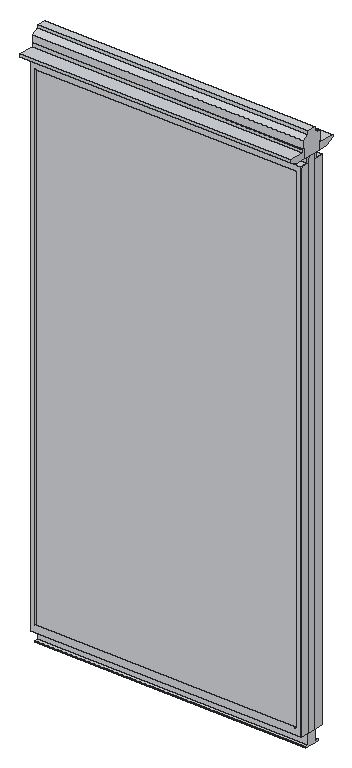
Revit family "Wall-Panel_Operable-Partition_Moderco_Signature-Series", category Curtain Panels, Revit 2022
Family settings
  OmniClass Number = 23.25.40.17
  OmniClass Title = Operable Partitions
  Always vertical = Yes
  Cut with Voids When Loaded = No
  Shared = No
Parameters (values of type "8500 Paired Panel")
  Warranty Duration (Years) = 0
  Use = "Pair"
  URL = "http://moderco.com/"
  Track Type [instance] = Overhead Tracks : Track 33 with W Trim
  Threshold Material [instance] = none
  Test Data = ""
  Specification = "http://www.arcat.com/sdspecs/htm04/10_22_26mpi.htm"
  Send Message = ""
  Seal Height_Bottom [instance] = 0' - 2"
  Sales Information = "http://moderco.com/contact/"
  STC Rating [instance] = 0
  Revision = "R1_2015-09"
  Product Properties = ""
  Product Data = "http://www.arcat.com/arcatcos/cos34/arc34266.html"
  Panel Width [instance] = 3' - 8"
  Panel Thickness = 0' - 4"
  Panel Height [instance] = 7' - 2"
  Model = "8500"
  Max Height = 22' - 4"
  Manufacturer Website = "http://moderco.com/"
  Manufacturer Phone - Toll Free = "800-363-3150"
  Manufacturer Phone = "450-641-3150"
  Manufacturer Fax = "450-641-4965 or 800-231-4965"
  Manufacturer Address = "115 de Lauzon   Boucherville, QC, Canada J4B 1E7"
  Manufacturer = "Moderco, Inc"
  Maintenance Schedule (Months) = 0
  Keynote = "10 22 26"
  Interior Finish [instance] = none
  Installation-Fabrication = ""
  Installation Phase = ""
  Green Building-LEED = ""
  Frame Material [instance] = none
  Exterior Finish [instance] = none
  Expected Lifespan (Years) = 0
  Drawn By = "Sumex Design, Inc. / Robert S. Weygant, CSI, CDT, SCIP"
  Description = "Moderco Signature Series 8500 Paired Wall Panel as Specified"
  Copyright = "©Arcat Inc."
  Construction Details = "http://www.arcat.com/details/moderco/moderco.html?coid=34266"
  Building Codes = ""
  Assembly Code = "C1010300"
Types (5): name | Use | Model | Max Height | Description
  8760 Electric Panel | "Electric" | "8760" | 16' - 4" | "Moderco Signature Series 8760 Single Wall Panel as Specified"
  8720 Electric Panel | "Electric" | "8720" | 16' - 4" | "Moderco Signature Series 8720 Single Wall Panel as Specified"
  8500 Paired Panel | "Pair" | "8500" | 22' - 4" | "Moderco Signature Series 8500 Paired Wall Panel as Specified"
  8800 Single Panel | "Single" | "8800" | 30' - 4" | "Moderco Signature Series 8800 Single Wall Panel as Specified"
  8600 Single Panel | "Single" | "8600" | 22' - 4" | "Moderco Signature Series 8600 Single Wall Panel as Specified"
Reference planes (in)
  plane 1 "Front": y = 0
  plane 2: z = 0
  plane 3 "Center (Left/Right)": x = 0
  plane 4 "Left": x = -22
  plane 5 "Right": x = 22
  plane 6 "Top": z = 86
  plane 7: y = 2
  plane 8: y = -2
  plane 9: z = 2
  plane 10: z = 85
Forms (in)
  Extrusion 1, solid, material <- "Interior Finish"
    sketch origin (22, 0, 0) x (0, -1, 0) y (0, 0, 1)
      loop
        line (2, 2) -> (2, 85) -> (0.5, 85) -> (0.5, 2) -> (2, 2)
    from 0 to 44
  Extrusion 2, solid, material <- "Exterior Finish"
    sketch origin (22, 0, 0) x (0, 1, 0) y (0, 0, -1)
      loop
        line (2, -2) -> (0.5, -2) -> (0.5, -85) -> (2, -85) -> (2, -2)
    from 0 to 44
  Extrusion 3, solid, material <- "Frame Material"
    sketch origin (0, 0, 0) x (1, 0, 0) y (0, 1, 0)
      loop
        line (-22, 0.5) -> (-22, -0.5) -> (-20, -0.5) -> (-20, 0.5) -> (-22, 0.5)
      loop
        line (22, 0.5) -> (20, 0.5) -> (20, -0.5) -> (22, -0.5) -> (22, 0.5)
    from 2 to 86
  Extrusion 4, solid, material <- "Threshold Material"
    sketch origin (22, 0, 0) x (0, -1, 0) y (0, 0, 1)
      loop
        line (2, 2.12546) -> (-2, 2.12546) -> (-2, 3.12546) -> (-2.125, 3.12546) -> (-2.125, 2) -> (-0.75, 2) -> (-0.75, 0.25) -> (-1.25, 0.25) -> (-1.25, 0) -> (1.25, 0) -> (1.25, 0.25) -> (0.75, 0.25) -> (0.75, 2) -> (2.125, 2) -> (2.125, 3.12546) -> (2, 3.12546) -> (2, 2.12546)
    from 0 to 44
  Extrusion 5, solid, material <- "Threshold Material"
    sketch origin (22, 0, 0) x (0, -1, 0) y (0, 0, 1)
      loop
        line (2, 85) -> (2, 84.25) -> (2.125, 84.25) -> (2.125, 85.125) -> (0.875, 85.125) -> (0.875, 86) -> (-0.875, 86) -> (-0.875, 85.125) -> (-2.125, 85.125) -> (-2.125, 84.25) -> (-2, 84.25) -> (-2, 85) -> (2, 85)
    from 0 to 44
  Extrusion 6, solid, material <- "Threshold Material"
    sketch origin (0, 0, 0) x (1, 0, 0) y (0, 0, 1)
      loop
        line (-22, 85) -> (-22, 2) -> (-21.25, 2) -> (-21.25, 85) -> (-22, 85)
      loop
        line (22, 85) -> (21.25, 85) -> (21.25, 2) -> (22, 2) -> (22, 85)
    from -2.125 to 2.125
Cuts and joins
  joined: Extrusion 4, Extrusion 5, Extrusion 6
Text (in)
  text "Exterior" at (-54.29358, 31.38743, 0), in view "Ref. Level"
  text "Exterior" at (480, 41.53993, 89.60405), in view "Right"
  text "Exterior" at (-240, 57.82419, 105.78864), in view "Left"
Dimensions and locks (in)
  equal spacing: plane 4 "Left", plane 3 "Center (Left/Right)", plane 5 "Right"
  equal spacing: plane 7, plane 1 "Front", plane 8
  "Panel Thickness": plane 7 to plane 8
  "Panel Height": plane 6 "Top" to level
  "Panel Width": plane 4 "Left" to plane 5 "Right"
  "Seal Height_Bottom": plane 9 to plane 2
  locked: plane 8 to Extrusion 1 sketch curve at 1.5
  locked: Extrusion 2 sketch curve to plane 7 at 1.5
  locked: plane 7 to Extrusion 3 sketch curve at 1.5  (x2)
  locked: Extrusion 3 sketch curve to plane 8 at 1.5  (x2)
  locked: Extrusion 3 sketch curve to plane 5 "Right" at 2
  locked: plane 4 "Left" to Extrusion 3 sketch curve at 2
  locked: Extrusion 4 sketch curve to plane 8 at 0.125
  locked: plane 7 to Extrusion 4 sketch curve at 0.125
  Extrusion 4 sketch curve to plane 1 "Front" to Extrusion 4 sketch curve = 0' - 0 3/4" locked, 0' - 0 3/4" locked
  locked: plane 10 to plane 6 "Top" at 1
  Extrusion 5 sketch curve to plane 8 to Extrusion 5 sketch curve = 0' - 0 1/8" locked, 0' - 1 1/8"
  Extrusion 5 sketch curve to plane 7 to Extrusion 5 sketch curve = 0' - 1 1/8", 0' - 0 1/8" locked
  locked: plane 4 "Left" to Extrusion 6 sketch curve at 0.75
  locked: Extrusion 6 sketch curve to plane 5 "Right" at 0.75
  locked: Extrusion 5 sketch curve to plane 10 at 0.125  (x2)
  Extrusion 4 sketch curve to plane 1 "Front" to Extrusion 4 sketch curve = 0' - 1 1/4" locked, 0' - 1 1/4" locked
  aligned and locked: plane 3 "Center (Left/Right)" to nested 1
  aligned and locked: plane 8 to Extrusion 1 sketch curve
  aligned and locked: Extrusion 2 sketch curve to plane 9
  aligned and locked: plane 7 to Extrusion 2 sketch curve
  aligned and locked: plane 9 to Extrusion 1 sketch curve
  aligned and locked: plane 4 "Left" to Extrusion 1
  aligned and locked: Extrusion 1 to plane 5 "Right"
  aligned and locked: plane 4 "Left" to Extrusion 2
  aligned and locked: Extrusion 2 to plane 5 "Right"
  aligned and locked: plane 4 "Left" to Extrusion 3 sketch curve
  aligned and locked: plane 5 "Right" to Extrusion 3 sketch curve
  aligned and locked: Extrusion 3 to plane 6 "Top"
  aligned and locked: Extrusion 3 to plane 9
  aligned and locked: plane 2 to Extrusion 4 sketch curve
  aligned and locked: plane 4 "Left" to Extrusion 4
  aligned and locked: Extrusion 4 to plane 5 "Right"
  aligned and locked: Extrusion 1 sketch curve to plane 10
  aligned and locked: plane 10 to Extrusion 2 sketch curve
  aligned and locked: plane 4 "Left" to Extrusion 5
  aligned and locked: Extrusion 5 to plane 5 "Right"
  aligned and locked: Extrusion 6 sketch curve to plane 4 "Left"
  aligned and locked: Extrusion 6 sketch curve to plane 5 "Right"
  aligned and locked: plane 10 to Extrusion 6 sketch curve
  aligned and locked: Extrusion 6 sketch curve to plane 10
  aligned and locked: plane 9 to Extrusion 6 sketch curve
  aligned and locked: Extrusion 6 sketch curve to plane 9
  aligned and locked: plane 9 to Extrusion 4 sketch curve
  aligned and locked: Extrusion 4 sketch curve to plane 9
Automatic sketch dimensions
  Extrusion 1 sketch curve to plane 8 = 0' - 0"
  Extrusion 5 sketch curve to plane 7 = 0' - 0"
  Extrusion 5 sketch curve to plane 8 = 0' - 0"
  plane 6 "Top" to Extrusion 5 sketch curve = 0' - 0"
  Extrusion 5 sketch curve to Extrusion 5 sketch curve = 0' - 0 3/4"  (x2)
  Extrusion 5 sketch curve to plane 10 = 0' - 0"
  Extrusion 4 sketch curve to plane 7 = 0' - 0"
  Extrusion 4 sketch curve to plane 8 = 0' - 0"
  Extrusion 4 sketch curve to Extrusion 4 sketch curve = 0' - 0 1/4"  (x2)
  plane 9 to Extrusion 4 sketch curve = 0' - 0.12546"
  Extrusion 4 sketch curve to Extrusion 4 sketch curve = 0' - 1"  (x2)
Nested families (in)
  nested 1: "Overhead Tracks" at (0, 0, 0), length <- "Panel Width", Height <- "Panel Height", type <- "Track Type", finish <- "Frame Material", type "Track 33 with W Trim"
    with length 3' - 8", finish none, built-in parameter 1001300 7' - 2", track width 0' - 3 1/4", halftrackwidth 0' - 1 5/8", W Trim yes, No 552 no, No 33 yes, L Trim no
Definition of nested family "Overhead Tracks"
  Parameters
    track width = 0' - 3 1/8"
    length [instance] = 4' - 3.58097"
    halftrackwidth = track width / 2  # 0' - 1 9/16"
    finish [instance] = none
    W Trim = no
    No 556 = no
    No 552 = yes
    No 45 = no
    No 33 = no
    L Trim = yes
    Height [instance] = 5' - 5.60265"
    Default Elevation = 4' - 0"
    Assembly Code = ""
  Reference planes (in)
    plane 1 "Center (Front/Back)": y = 0
    plane 2: z = 0
    plane 3 "Center (Left/Right)": x = 0
    plane 4: z = 65.60265
    plane 5: x = -25.79049
    plane 6: x = 25.79049
  Forms (in)
    Extrusion 1, solid, material <- "finish", visible <- "No 33"
      sketch origin (0, 0, 0) x (0, 1, 0) y (0, 0, 1)
        loop
          line (1.625, 65.60265) -> (1.625, 68.34747) -> (0.75, 68.85265) -> (0.75, 69.35265) -> (-0.75, 69.35265) -> (-0.75, 68.85265) -> (-1.625, 68.34747) -> (-1.625, 65.60265) -> (1.625, 65.60265)
      from -25.79049 to 25.79049
    Extrusion 2, solid, material <- "finish", visible <- "L Trim"
      sketch origin (0, 0, 0) x (0, 1, 0) y (0, 0, 1)
        loop
          line (-1.5625, 65.60265) -> (-1.5625, 67.10265) -> (-1.6875, 67.10265) -> (-1.6875, 65.72765) -> (-3.0625, 65.72765) -> (-3.0625, 65.60265) -> (-1.5625, 65.60265)
        loop
          line (1.5625, 65.60265) -> (3.0625, 65.60265) -> (3.0625, 65.72765) -> (1.6875, 65.72765) -> (1.6875, 67.10265) -> (1.5625, 67.10265) -> (1.5625, 65.60265)
      from -25.79049 to 25.79049
    Extrusion 3, solid, material <- "finish", visible <- "W Trim"
      sketch origin (0, 0, 0) x (0, 1, 0) y (0, 0, 1)
        loop
          line (-1.5625, 65.60265) -> (-1.5625, 67.10265) -> (-1.6875, 67.10265) -> (-1.6875, 66.60265) -> (-4.1875, 66.60265) -> (-4.1875, 66.22765) -> (-3.10497, 65.60265) -> (-1.5625, 65.60265)
        loop
          line (1.5625, 65.60265) -> (3.10497, 65.60265) -> (4.1875, 66.22765) -> (4.1875, 66.60265) -> (1.6875, 66.60265) -> (1.6875, 67.10265) -> (1.5625, 67.10265) -> (1.5625, 65.60265)
      from -25.79049 to 25.79049
    Extrusion 4, solid, material <- "finish", visible <- "No 45"
      sketch origin (0, 0, 0) x (0, 1, 0) y (0, 0, 1)
        loop
          line (-1.125, 65.60265) -> (1.125, 65.60265) -> (1.125, 67.35265) -> (0.75, 67.35265) -> (0.75, 68.22765) -> (-0.75, 68.22765) -> (-0.75, 67.35265) -> (-1.125, 67.35265) -> (-1.125, 65.60265)
      from -25.79049 to 25.79049
    Extrusion 5, solid, material <- "finish", visible <- "No 552"
      sketch origin (0, 0, 0) x (0, 1, 0) y (0, 0, 1)
        loop
          line (1.5625, 65.60265) -> (1.5625, 68.85265) -> (1.25, 68.85265) -> (1.25, 69.35265) -> (-1.25, 69.35265) -> (-1.25, 68.85265) -> (-1.5625, 68.85265) -> (-1.5625, 65.60265) -> (1.5625, 65.60265)
      from -25.79049 to 25.79049
    Extrusion 6, solid, material <- "finish", visible <- "No 556"
      sketch origin (0, 0, 0) x (0, 1, 0) y (0, 0, 1)
        loop
          line (-1.5625, 65.60265) -> (1.5625, 65.60265) -> (1.5625, 70.29015) -> (1.4375, 70.29015) -> (1.4375, 71.04015) -> (-1.4375, 71.04015) -> (-1.4375, 70.29015) -> (-1.5625, 70.29015) -> (-1.5625, 65.60265)
      from -25.79049 to 25.79049
  Dimensions and locks (in)
    "Height": plane 4 to level
    equal spacing: plane 6, plane 3 "Center (Left/Right)", plane 5
    "length": plane 6 to plane 5
    "halftrackwidth": Extrusion 2 sketch curve to plane 1 "Center (Front/Back)"
    "halftrackwidth": plane 1 "Center (Front/Back)" to Extrusion 2 sketch curve
    Extrusion 2 sketch curve to Extrusion 2 sketch curve to Extrusion 2 sketch curve = 0' - 1 3/8" locked, 0' - 0 1/8" locked
    Extrusion 2 sketch curve to Extrusion 2 sketch curve to Extrusion 2 sketch curve = 0' - 0 1/8" locked, 0' - 1 3/8" locked
    Extrusion 3 sketch curve to Extrusion 3 sketch curve to Extrusion 3 sketch curve to Extrusion 3 sketch curve = 0' - 1.08253" locked, 0' - 1.41747" locked, 0' - 0 1/8" locked
    Extrusion 3 sketch curve to Extrusion 3 sketch curve to Extrusion 3 sketch curve to Extrusion 3 sketch curve = 0' - 0 1/8" locked, 0' - 1.41747" locked, 0' - 1.08253" locked
    "halftrackwidth": Extrusion 3 sketch curve to plane 1 "Center (Front/Back)"
    "halftrackwidth": plane 1 "Center (Front/Back)" to Extrusion 3 sketch curve
    aligned and locked: plane 2 to level
    aligned and locked: plane 6 to Extrusion 1
    aligned and locked: Extrusion 1 to plane 5
    aligned and locked: plane 6 to Extrusion 3
    aligned and locked: Extrusion 3 to plane 5
    aligned and locked: plane 6 to Extrusion 4
    aligned and locked: Extrusion 4 to plane 5
    aligned and locked: plane 6 to Extrusion 2
    aligned and locked: Extrusion 2 to plane 5
    aligned and locked: Extrusion 6 to plane 5
    aligned and locked: plane 6 to Extrusion 6
    aligned and locked: plane 6 to Extrusion 5
    aligned and locked: Extrusion 5 to plane 5
  Automatic sketch dimensions
    Extrusion 1 sketch curve to plane 4 = 0' - 0"
    plane 1 "Center (Front/Back)" to Extrusion 1 sketch curve = 0' - 1 5/8"
    plane 1 "Center (Front/Back)" to Extrusion 1 sketch curve = 0' - 0 3/4"
    Extrusion 1 sketch curve to plane 1 "Center (Front/Back)" = 0' - 0 3/4"
    Extrusion 1 sketch curve to Extrusion 1 sketch curve = 0' - 0 7/8"
    plane 4 to Extrusion 1 sketch curve = 0' - 2.74482"
    Extrusion 1 sketch curve to Extrusion 1 sketch curve = 0' - 0.50518"  (x2)
    Extrusion 1 sketch curve to Extrusion 1 sketch curve = 0' - 0 1/2"
    Extrusion 1 sketch curve to Extrusion 1 sketch curve = 0' - 1.00518"
    Extrusion 2 sketch curve to plane 4 = 0' - 0"  (x2)
    plane 4 to Extrusion 2 sketch curve = 0' - 0 1/8"  (x2)
    Extrusion 2 sketch curve to Extrusion 2 sketch curve = 0' - 1 3/8"  (x2)
    Extrusion 4 sketch curve to plane 4 = 0' - 0"
    plane 1 "Center (Front/Back)" to Extrusion 4 sketch curve = 0' - 0 3/4"
    plane 1 "Center (Front/Back)" to Extrusion 4 sketch curve = 0' - 1 1/8"
    Extrusion 4 sketch curve to Extrusion 4 sketch curve = 0' - 1 3/4"  (x2)
    Extrusion 4 sketch curve to Extrusion 4 sketch curve = 0' - 0 7/8"
    Extrusion 4 sketch curve to plane 1 "Center (Front/Back)" = 0' - 0 3/4"
    Extrusion 4 sketch curve to Extrusion 4 sketch curve = 0' - 0 3/8"
    Extrusion 3 sketch curve to plane 4 = 0' - 0"  (x2)
    plane 4 to Extrusion 3 sketch curve = 0' - 0 5/8"  (x2)
    plane 4 to Extrusion 3 sketch curve = 0' - 1"
    Extrusion 3 sketch curve to Extrusion 3 sketch curve = 0' - 0 3/8"
    Extrusion 3 sketch curve to Extrusion 3 sketch curve = 0' - 0 1/2"  (x2)
    Extrusion 5 sketch curve to plane 4 = 0' - 0"
    plane 1 "Center (Front/Back)" to Extrusion 5 sketch curve = 0' - 1 1/4"
    Extrusion 5 sketch curve to Extrusion 5 sketch curve = 0' - 0 5/16"
    plane 4 to Extrusion 5 sketch curve = 0' - 3 1/4"
    Extrusion 5 sketch curve to Extrusion 5 sketch curve = 0' - 0"
    Extrusion 5 sketch curve to Extrusion 5 sketch curve = 0' - 0 1/2"
    Extrusion 5 sketch curve to plane 1 "Center (Front/Back)" = 0' - 1 1/4"
    Extrusion 5 sketch curve to plane 1 "Center (Front/Back)" = 0' - 1 9/16"
    Extrusion 6 sketch curve to plane 4 = 0' - 0"
    plane 1 "Center (Front/Back)" to Extrusion 6 sketch curve = 0' - 1 7/16"
    plane 1 "Center (Front/Back)" to Extrusion 6 sketch curve = 0' - 1 9/16"
    Extrusion 6 sketch curve to Extrusion 6 sketch curve = 0' - 0 1/8"
    plane 4 to Extrusion 6 sketch curve = 0' - 4 11/16"
    Extrusion 6 sketch curve to Extrusion 6 sketch curve = 0' - 0"
    Extrusion 6 sketch curve to Extrusion 6 sketch curve = 0' - 0 3/4"
    Extrusion 6 sketch curve to plane 1 "Center (Front/Back)" = 0' - 1 7/16"
